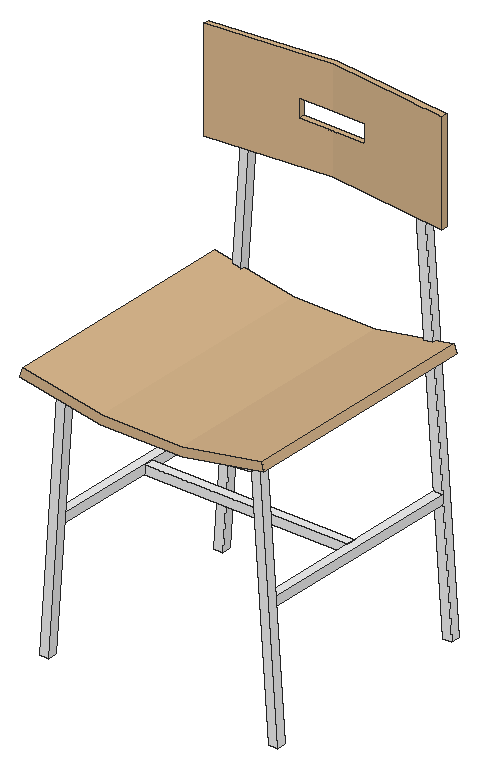
Revit family "093790990ef24fb18df11615387a8c49", category Mobilier, Revit 2021
Family settings
  Basée sur le plan de construction = Non
  Toujours verticalement = Oui
  Couper avec des vides une fois chargée = Non
  Partagée = Non
  Point de calcul de pièce = Non
Parameters
  Manufacturer = ""
  Matériau structurel = Métal - Chrome
  Repose pieds [instance] = Bois - Bouleau
  Elévation par défaut = 0 mm
Reference planes
  plane 1 "Centre (avant/arrière)": y = 0
  plane 2: z = 0
  plane 3 "Centre (gauche/droite)": x = 0
Forms (mm)
  Extrusion 1, solid, material "Bois - Bouleau" <- "Repose pieds"
    sketch origin (0, 0, 0) x (1, 0, 0) y (0, 1, 0)
      loop
        arc (200, 390) -> (0, 410) -> (-200, 390) r 1010
        line (-200, 390) -> (-200, 380)
        arc (-200, 380) -> (0, 400.2) -> (200, 380) r 1000.2
        line (200, 380) -> (200, 390)
    from 630.357 to 800.357
  Extrusion 2, void
    sketch origin (0, 0, 0) x (1, 0, 0) y (0, 0, 1)
      loop
        line (-55, 730.357) -> (-55, 700.357) -> (55, 700.357) -> (55, 730.357) -> (-55, 730.357)
    from -518.133 to -345.455
  Extrusion 3, solid, material "Bois - Bouleau" <- "Repose pieds"
    sketch origin (0, 0, 0) x (1, 0, 0) y (0, 0, 1)
      loop
        line (-200.767, 447.728) -> (-204.967, 433.327)
        arc (-204.967, 433.327) -> (0, 405.357) -> (204.967, 433.327) r 765
        line (204.967, 433.327) -> (200.767, 447.728)
        arc (200.767, 447.728) -> (0, 420.357) -> (-200.767, 447.728) r 750
    from -404.441 to 0
  Extrusion 4, solid, material "Métal - Chrome" <- "Matériau structurel"
    sketch origin (0, 233, -0.357) x (1, 0, 0) y (0, 0, 1)
      loop
        line (-169.417, 217.815) -> (-169.417, 202.815) -> (170.49, 202.815) -> (170.49, 217.815) -> (-169.417, 217.815)
    from 0 to 15
  Extrusion 5, solid, material "Métal - Chrome" <- "Matériau structurel"
    sketch origin (170.49, 0, 0) x (0, 1, 0) y (0, 0, 1)
      loop
        line (51, 217.458) -> (51, 202.458) -> (400, 202.458) -> (400, 217.458) -> (51, 217.458)
    from 0 to 15
  Extrusion 6, solid, material "Métal - Chrome" <- "Matériau structurel"
    sketch origin (-185.528, 0, 0) x (0, 1, 0) y (0, 0, 1)
      loop
        line (51, 217.458) -> (51, 202.458) -> (400, 202.458) -> (400, 217.458) -> (51, 217.458)
    from 0 to 15
  Extrusion 7, solid, material "Métal - Chrome" <- "Matériau structurel"
    sketch origin (0, 0, 0) x (1, 0, 0) y (0, 0, 1)
      loop
        line (-156.317, 421.498) -> (-156.317, 401.078)
        arc (-156.317, 401.078) -> (0, 385.357) -> (156.317, 401.078) r 785
        line (156.317, 401.078) -> (154.879, 421.199)
        arc (154.879, 421.199) -> (-0.735, 405.357) -> (-156.317, 421.498) r 765
    from -400 to -36
  Extrusion 8, solid, material "Métal - Chrome" <- "Matériau structurel"
    sketch origin (0, 51, 0) x (1, 0, 0) y (0, 0, 1)
      loop
        line (-200.026, 0) -> (-184.987, 0) -> (-154.879, 421.199) -> (-169.687, 424.414) -> (-200.026, 0)
      loop
        line (200.026, 0) -> (169.687, 424.414) -> (154.879, 421.199) -> (184.987, 0) -> (200.026, 0)
    from 0 to 15
  Extrusion 9, solid, material "Métal - Chrome" <- "Matériau structurel"
    sketch origin (0, 415, 0) x (1, 0, 0) y (0, 0, 1)
      loop
        line (200.026, 0) -> (151.364, 680.74) -> (136.556, 677.525) -> (184.987, 0) -> (200.026, 0)
      loop
        line (-200.026, 0) -> (-184.987, 0) -> (-136.556, 677.525) -> (-151.364, 680.74) -> (-200.026, 0)
    from 0 to 15
Cuts and joins
  Extrusion 2 cuts Extrusion 1
